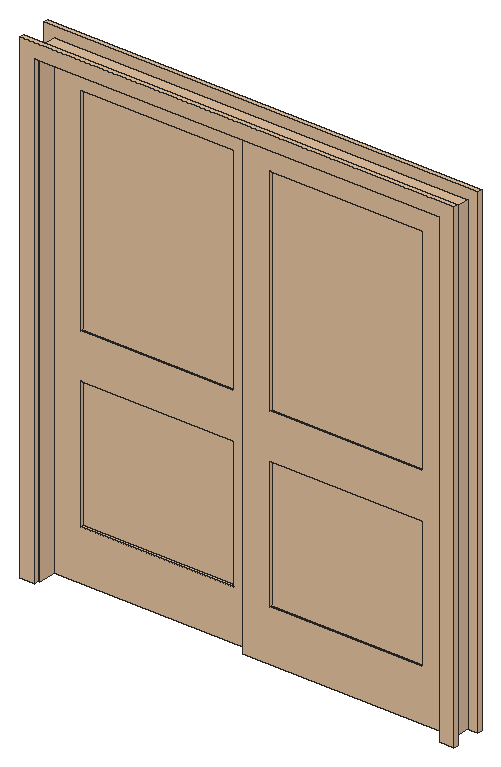
Revit family "M_Porta-Interna-Deslizante-2-Duplo_Painel-Madeira", category Portas, Revit 2019
Family settings
  Hospedeiro = Parede
  Número OmniClass = 23.30.10.00
  Título OmniClass = Doors
  Sempre na vertical = Sim
  Corte com vazios quando carregada = Não
  Compartilhado = Não
  Ponto de cálculo do ambiente = Não
Parameters
  Visual Light Transmittance = 0
  Material da apara = Cerejeira
  Corrimão superior = 120 mm
  Espessura = 35 mm
  Resistência térmica (R) = 0.455703 (m²·K)/W
  Estilos = 120 mm
  Solar Heat Gain Coefficient = 0
  Rough Width = Width + 50 mm  # 1850 mm
  Rough Height = Height + 25 mm  # 2125 mm
  Material do painel = Cerejeira
  Bloquear corrimão = 200 mm
  Height = 2100 mm
  Fechamento da parede = Por hospedeiro
  Width = 1800 mm
  Coeficiente de transferência de calor (U) = 2.19465 W/(m²·K)
  Função = Interior
  Material da moldura = Cerejeira
  Corrimão inferior = 230 mm
  Código de montagem = "C1020300"
  Construção analítica = "Madeira"
Reference planes
  plane 1 "Centro (Frente/Trás)": y = 0
  plane 2 "Centro (Esquerda/Direita)": x = 0
  plane 3 "Esquerda": x = -925
  plane 4 "Direita": x = 925
  plane 5 "Superior": z = 2125
  plane 6 "Exterior": y = 53.975
  plane 7 "Interior": y = -60.325
  plane 8 "Painel esquerdo da porta": x = -900
  plane 9 "Painel direito da porta": x = 900
  plane 10 "Topo do painel": z = 2100
  plane 11: z = 0
  plane 12: z = 0
  plane 13: x = 918.65
  plane 14: y = 18.975
  plane 15: y = -15.875
  plane 16: y = 18.975
  plane 17: z = 230
  plane 18: z = 1980
  plane 19: x = -94.6
  plane 20: x = -780
  plane 21: z = 814.4
  plane 22: z = 1014.4
  plane 23: y = 30.642
  plane 24: y = 42.308
  plane 25: z = 914.4
  plane 26: x = -25.4
  plane 27: x = 25.4
  plane 28: x = 338.37
  plane 29: y = -16.025
  plane 30: x = 780
  plane 31: x = 94.6
  plane 32: y = -4.358
  plane 33: y = 7.308
Forms (mm)
  Sweep 1, solid, material "Cerejeira" <- "Material da moldura"
    path origin (0, 0, 0) x (1, 0, 0) y (0, 0, 1)
      loop
        line (925, 0) -> (925, 2125) -> (-925, 2125) -> (-925, 0)
    profile origin (925, 0, 1062.5) x (-1, 0, 0) y (0, -1, 0)
      loop
        line (25, -53.975) -> (25, 60.325) -> (0, 60.325) -> (0, -53.975) -> (25, -53.975)
  Extrusion 2, solid, material "Cerejeira" <- "Material do painel"
    sketch origin (0, 0, 0) x (1, 0, 0) y (0, 0, 1)
      loop
        line (25.4, 2100) -> (-900, 2100) -> (-900, 0) -> (25.4, 0) -> (25.4, 2100)
      loop
        line (-94.6, 1980) -> (-780, 1980) -> (-780, 1014.4) -> (-94.6, 1014.4) -> (-94.6, 1980)
      loop
        line (-94.6, 814.4) -> (-780, 814.4) -> (-780, 230) -> (-94.6, 230) -> (-94.6, 814.4)
    from -53.975 to -18.975
  Extrusion 3, solid, material "Cerejeira" <- "Material do painel"
    sketch origin (0, 0, 0) x (1, 0, 0) y (0, 0, 1)
      loop
        line (-94.6, 1980) -> (-780, 1980) -> (-780, 1014.4) -> (-94.6, 1014.4) -> (-94.6, 1980)
      loop
        line (-94.6, 814.4) -> (-780, 814.4) -> (-780, 230) -> (-94.6, 230) -> (-94.6, 814.4)
    from -42.308 to -30.642
  Sweep 4, solid, material "Cerejeira" <- "Material da apara", detail levels fine
    path origin (0, 53.975, 0) x (1, 0, 0) y (0, 0, 1)
      loop
        line (900, 0) -> (900, 2100) -> (-900, 2100) -> (-900, 0)
    profile "Perfil de caixa-plano : 20 x 65mm" origin (900, 53.975, 1050) x (-1, 0, 0) y (0, -1, 0)
      loop
        line (-6.35, -20) -> (-6.35, 0) -> (-71.35, 0) -> (-71.35, -20) -> (-6.35, -20)
  Sweep 5, solid, material "Cerejeira" <- "Material da apara", detail levels fine
    path origin (0, -60.325, 0) x (1, 0, 0) y (0, 0, 1)
      loop
        line (900, 0) -> (900, 2100) -> (-900, 2100) -> (-900, 0)
    profile "Perfil de caixa-plano : 20 x 65mm" origin (900, -60.325, 1050) x (-1, 0, 0) y (0, -1, 0)
      loop
        line (-6.35, 20) -> (-71.35, 20) -> (-71.35, 0) -> (-6.35, 0) -> (-6.35, 20)
  Extrusion 6, solid, material "Cerejeira" <- "Material do painel"
    sketch origin (889, 0, 0) x (1, 0, 0) y (0, 0, 1)
      loop
        line (11, 2100) -> (-914.4, 2100) -> (-914.4, 0) -> (11, 0) -> (11, 2100)
      loop
        line (-109, 1980) -> (-794.4, 1980) -> (-794.4, 1014.4) -> (-109, 1014.4) -> (-109, 1980)
      loop
        line (-109, 814.4) -> (-794.4, 814.4) -> (-794.4, 230) -> (-109, 230) -> (-109, 814.4)
    from -18.975 to 16.025
  Extrusion 7, solid, material "Cerejeira" <- "Material do painel"
    sketch origin (0, 53.975, 0) x (1, 0, 0) y (0, 0, 1)
      loop
        line (780, 1980) -> (94.6, 1980) -> (94.6, 1014.4) -> (780, 1014.4) -> (780, 1980)
      loop
        line (780, 814.4) -> (94.6, 814.4) -> (94.6, 230) -> (780, 230) -> (780, 814.4)
    from 46.667 to 58.333
Lines and regions (mm)
  Opening 1
    outline origin (-2286, -60.325, 0) x (1, 0, 0) y (0, 0, 1)
      loop
        line (1361, 0) -> (3211, 0) -> (3211, 2125) -> (1361, 2125) -> (1361, 0)
  Masking region 1, detail levels coarse+medium
    outline origin (0, 0, 0) x (1, 0, 0) y (0, 1, 0)
      loop
        line (-925, 53.975) -> (-925, -60.325) -> (-900, -60.325) -> (-900, 53.975) -> (-925, 53.975)
      loop
        line (925, 53.975) -> (900, 53.975) -> (900, -60.325) -> (925, -60.325) -> (925, 53.975)
  Masking region 2, detail levels fine
    outline origin (-25.4, 0, 0) x (1, 0, 0) y (0, 1, 0)
      loop
        line (-899.6, 53.975) -> (-899.6, -60.325) -> (-874.6, -60.325) -> (-874.6, 53.975) -> (-899.6, 53.975)
      loop
        line (950.4, 53.975) -> (925.4, 53.975) -> (925.4, -60.325) -> (950.4, -60.325) -> (950.4, 53.975)
  Masking region 3, detail levels fine
    outline origin (0, 0, 0) x (1, 0, 0) y (0, 1, 0)
      loop
        line (-971.35, 73.975) -> (-971.35, 53.975) -> (-906.35, 53.975) -> (-906.35, 73.975) -> (-971.35, 73.975)
      loop
        line (-971.35, -60.325) -> (-971.35, -80.325) -> (-906.35, -80.325) -> (-906.35, -60.325) -> (-971.35, -60.325)
      loop
        line (906.35, 73.975) -> (906.35, 53.975) -> (971.35, 53.975) -> (971.35, 73.975) -> (906.35, 73.975)
      loop
        line (906.35, -60.325) -> (906.35, -80.325) -> (971.35, -80.325) -> (971.35, -60.325) -> (906.35, -60.325)
  Masking region 4
    outline origin (0, 0, 0) x (1, 0, 0) y (0, 1, 0)
      loop
        line (-900, 53.975) -> (-900, 18.975) -> (25.4, 18.975) -> (25.4, 53.975) -> (-900, 53.975)
  Masking region 5
    outline origin (793.75, 0, 0) x (1, 0, 0) y (0, 1, 0)
      loop
        line (-819.15, 18.975) -> (-819.15, -16.025) -> (106.25, -16.025) -> (106.25, 18.975) -> (-819.15, 18.975)
  symbolic lines, style "InvisibleLines"
    curve 1: line (0, 53.975, 2125) -> (0, -60.325, 2125)
    curve 2: line (0, 53.975, 2118.65) -> (0, 53.975, 2125)
    curve 4: line (0, -60.325, 2125) -> (0, -60.325, 2118.65)
  symbolic lines, style "DoorsFrameMullionProjection"
    curve 3: line (0, -60.325, 2118.65) -> (0, 53.975, 2118.65)
Text (mm)
  text "Exterior" at (-1904.17, 693.701, 0), in view "Nível de referência"
  text "Interior" at (-1904.17, -638.649, 0), in view "Nível de referência"
  text "Exterior" at (0, 1019.848, 3124.603), in view "Direita"
  text "Interior" at (0, -1635.541, 3124.603), in view "Direita"
  text "Interior" at (0, -787.806, 3124.376), in view "Esquerda"
  text "Exterior" at (0, 1386.095, 3124.376), in view "Esquerda"
Dimensions and locks
  equal spacing: plane 3 "Esquerda", plane 2 "Centro (Esquerda/Direita)", plane 4 "Direita"
  "Rough Height": level to plane 5 "Superior"
  equal spacing: plane 8 "Painel esquerdo da porta", plane 2 "Centro (Esquerda/Direita)", plane 9 "Painel direito da porta"
  "Width": plane 8 "Painel esquerdo da porta" to plane 9 "Painel direito da porta"
  "Height": level to plane 10 "Topo do painel"
  plane 11 to plane 12 = 0 mm
  locked: plane 13 to plane 4 "Direita" at 6.35
  "Espessura": plane 14 to plane 6 "Exterior"
  "Espessura": plane 6 "Exterior" to plane 16
  "Rough Width": plane 3 "Esquerda" to plane 4 "Direita"
  "Corrimão superior": plane 18 to plane 10 "Topo do painel"
  "Estilos": plane 8 "Painel esquerdo da porta" to plane 20
  "Bloquear corrimão": plane 21 to plane 22
  equal spacing: plane 16, plane 23, plane 24, plane 6 "Exterior"
  locked: plane 12 to plane 25 at 914.4
  equal spacing: plane 21, plane 25, plane 22
  plane 12 to plane 10 "Topo do painel" = 2100 mm
  "Corrimão inferior": plane 17 to plane 11
  plane 26 to plane 2 "Centro (Esquerda/Direita)" to plane 27 = 25.4 mm locked, 25.4 mm locked
  "Estilos": plane 19 to plane 27
  "Espessura": plane 16 to plane 29
  "Estilos": plane 26 to plane 31
  "Estilos": plane 9 "Painel direito da porta" to plane 30
  equal spacing: plane 16, plane 33, plane 32, plane 29
  equal spacing: plane 22, nested 1, plane 18
  equal spacing: plane 30, nested 1, plane 31
  plane 5 "Superior" to curve 3 = 6.35 mm
  aligned and locked: plane 3 "Esquerda" to Opening 1 sketch curve
  aligned and locked: plane 5 "Superior" to Opening 1 sketch curve  (x2)
  aligned and locked: Opening 1 sketch curve to plane 4 "Direita"
  aligned and locked: Opening 1 sketch curve to level
  aligned and locked: plane 6 "Exterior" to host wall
  aligned and locked: plane 7 "Interior" to host wall
  aligned and locked: plane 5 "Superior" to Sweep 1 sketch curve
  aligned and locked: plane 4 "Direita" to Sweep 1 sketch curve  (x2)
  aligned and locked: Sweep 1 sketch curve to plane 3 "Esquerda"
  aligned and locked: plane 11 to level
  aligned and locked: plane 11 to Sweep 1 sketch curve  (x2)
  aligned and locked: Sweep 1 sketch curve to plane 9 "Painel direito da porta"
  aligned and locked: Sweep 1 sketch curve to host wall
  aligned and locked: Sweep 1 sketch curve to plane 7 "Interior"
  aligned and locked: Extrusion 2 sketch curve to plane 10 "Topo do painel"
  aligned and locked: Extrusion 2 sketch curve to plane 8 "Painel esquerdo da porta"
  aligned and locked: Extrusion 2 sketch curve to plane 12
  aligned and locked: Extrusion 2 to plane 16
  aligned and locked: Extrusion 2 to plane 6 "Exterior"
  aligned and locked: Extrusion 2 sketch curve to plane 18
  aligned and locked: Extrusion 2 sketch curve to plane 20  (x2)
  aligned and locked: Extrusion 2 sketch curve to plane 22
  aligned and locked: plane 19 to Extrusion 2 sketch curve  (x2)
  aligned and locked: Extrusion 2 sketch curve to plane 21
  aligned and locked: Extrusion 2 sketch curve to plane 17
  aligned and locked: Extrusion 3 sketch curve to plane 18
  aligned and locked: plane 19 to Extrusion 3 sketch curve  (x2)
  aligned and locked: Extrusion 3 sketch curve to plane 20  (x2)
  aligned and locked: Extrusion 3 sketch curve to plane 22
  aligned and locked: Extrusion 3 sketch curve to plane 21
  aligned and locked: Extrusion 3 sketch curve to plane 17
  aligned and locked: plane 24 to Extrusion 3
  aligned and locked: Extrusion 3 to plane 23
  aligned and locked: plane 9 "Painel direito da porta" to Sweep 4 sketch curve
  aligned and locked: Sweep 4 sketch curve to plane 8 "Painel esquerdo da porta"
  aligned and locked: Sweep 4 sketch curve to plane 10 "Topo do painel"
  aligned and locked: Sweep 5 sketch curve to plane 9 "Painel direito da porta"
  aligned and locked: Sweep 5 sketch curve to plane 10 "Topo do painel"
  aligned and locked: plane 8 "Painel esquerdo da porta" to Sweep 5 sketch curve
  aligned and locked: Masking region 1 sketch curve to plane 3 "Esquerda"
  aligned and locked: plane 8 "Painel esquerdo da porta" to Masking region 1 sketch curve
  aligned and locked: Masking region 1 sketch curve to plane 7 "Interior"
  aligned and locked: plane 6 "Exterior" to Masking region 1 sketch curve
  aligned and locked: plane 9 "Painel direito da porta" to Masking region 1 sketch curve
  aligned and locked: Masking region 1 sketch curve to plane 4 "Direita"
  aligned and locked: plane 7 "Interior" to Masking region 1 sketch curve
  aligned and locked: Masking region 1 sketch curve to plane 6 "Exterior"
  aligned and locked: plane 11 to Sweep 4 sketch curve  (x2)
  aligned and locked: plane 11 to Sweep 5 sketch curve  (x2)
  aligned and locked: Masking region 2 sketch curve to plane 3 "Esquerda"
  aligned and locked: Masking region 2 sketch curve to plane 7 "Interior"
  aligned and locked: plane 6 "Exterior" to Masking region 2 sketch curve
  aligned and locked: Masking region 3 sketch curve to Sweep 4  (x6)
  aligned and locked: Masking region 3 sketch curve to plane 6 "Exterior"  (x2)
  aligned and locked: plane 7 "Interior" to Masking region 3 sketch curve  (x2)
  aligned and locked: Masking region 3 sketch curve to Sweep 5  (x6)
  aligned and locked: Masking region 2 sketch curve to plane 4 "Direita"
  aligned and locked: Extrusion 2 sketch curve to plane 27
  aligned and locked: Extrusion 6 sketch curve to plane 26
  aligned and locked: plane 31 to Extrusion 6 sketch curve  (x2)
  aligned and locked: Extrusion 6 sketch curve to plane 30  (x2)
  aligned and locked: plane 9 "Painel direito da porta" to Extrusion 6 sketch curve
  aligned and locked: plane 22 to Extrusion 6 sketch curve
  aligned and locked: Extrusion 6 sketch curve to plane 21
  aligned and locked: Extrusion 7 sketch curve to plane 30  (x2)
  aligned and locked: plane 31 to Extrusion 7 sketch curve  (x2)
  aligned and locked: Extrusion 7 sketch curve to plane 18
  aligned and locked: plane 22 to Extrusion 7 sketch curve
  aligned and locked: Extrusion 7 sketch curve to plane 21
  aligned and locked: plane 17 to Extrusion 7 sketch curve
  aligned and locked: Extrusion 7 to plane 33
  aligned and locked: Extrusion 6 to plane 16
  aligned and locked: Extrusion 7 to plane 32
  aligned and locked: Extrusion 6 to plane 29
  aligned and locked: Masking region 4 sketch curve to plane 8 "Painel esquerdo da porta"
  aligned and locked: plane 27 to Masking region 4 sketch curve
  aligned and locked: plane 6 "Exterior" to Masking region 4 sketch curve
  aligned and locked: plane 16 to Masking region 4 sketch curve
  aligned and locked: Masking region 5 sketch curve to plane 29
  aligned and locked: Masking region 5 sketch curve to plane 16
  aligned and locked: Masking region 5 sketch curve to plane 26
  aligned and locked: plane 9 "Painel direito da porta" to Masking region 5 sketch curve
  aligned and locked: Extrusion 6 sketch curve to plane 12
  aligned and locked: plane 5 "Superior" to curve 1
  aligned and locked: plane 6 "Exterior" to curve 2
  aligned and locked: curve 4 to plane 7 "Interior"
Automatic sketch dimensions
  Masking region 2 sketch curve to plane 8 "Painel esquerdo da porta" = 0 mm
  Masking region 2 sketch curve to host wall = 0 mm  (x2)
  Masking region 2 sketch curve to plane 9 "Painel direito da porta" = 0 mm
  Extrusion 6 sketch curve to plane 17 = 0 mm
  Extrusion 6 sketch curve to plane 18 = 0 mm
  Extrusion 6 sketch curve to plane 10 "Topo do painel" = 0 mm
Nested families
  nested 1: "Seta" at (437.3, 0, 1497.2) x (1, 0, 0) z (0, -1, 0), type "Seta"
Definition of nested family "Seta"
  Reference planes
    plane 1 "Centro (Frente/Trás)": y = 0
    plane 2: z = 0
    plane 3 "Centro (Esquerda/Direita)": x = 0
  Lines and regions (mm)
    Filled region 1, type "Preenchimento sólido - Preto", in view "Nível de referência"
      outline origin (0, 0, 0) x (1, 0, 0) y (0, 1, 0)
        loop
          line (-152.4, 0) -> (-75.861, -13.496) -> (-75.861, 13.496) -> (-152.4, 0)
    detail lines, in view "Nível de referência"
      curve 1: line (152.4, 0, 0) -> (-152.4, 0, 0)
Types in the file's own list only (8): name | Transmissão de luz visual | Resistência térmica (R) | Coeficiente de ganho de calor solar | Largura bruta | Altura bruta | Altura | Largura | Coeficiente de transferência de calor (U)
  1200 x 2000mm | 0 | 0.4557 (m²·K)/W | 0 | 1250 mm | 2025 mm | 2000 mm | 1200 mm | 2.1946 W/(m²·K)
  1500 x 2000mm | 0 | 0.4557 (m²·K)/W | 0 | 1550 mm | 2025 mm | 2000 mm | 1500 mm | 2.1946 W/(m²·K)
  1700 x 2000mm | 0 | 0.4557 (m²·K)/W | 0 | 1750 mm | 2025 mm | 2000 mm | 1700 mm | 2.1946 W/(m²·K)
  1800 x 2000mm | 0 | 0.4557 (m²·K)/W | 0 | 1850 mm | 2025 mm | 2000 mm | 1800 mm | 2.1946 W/(m²·K)
  1200 x 2100mm | 0 | 0.4557 (m²·K)/W | 0 | 1250 mm | 2125 mm | 2100 mm | 1200 mm | 2.1946 W/(m²·K)
  1500 x 2100mm | 0 | 0.4557 (m²·K)/W | 0 | 1550 mm | 2125 mm | 2100 mm | 1500 mm | 2.1946 W/(m²·K)
  1700 x 2100mm | 0 | 0.4557 (m²·K)/W | 0 | 1750 mm | 2125 mm | 2100 mm | 1700 mm | 2.1946 W/(m²·K)
  1800 x 2100mm | 0 | 0.4557 (m²·K)/W | 0 | 1850 mm | 2125 mm | 2100 mm | 1800 mm | 2.1946 W/(m²·K)
